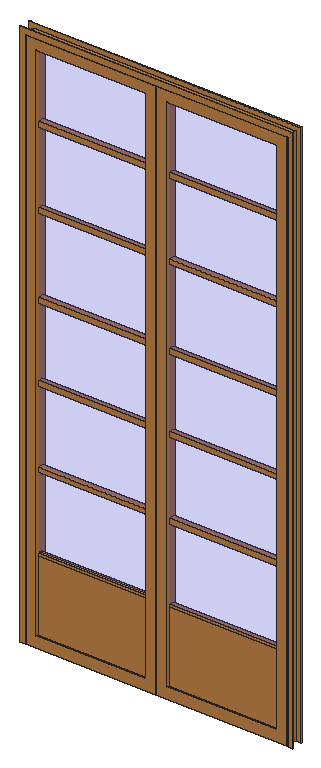
Revit family "DSP_A3-Durowin-1022x2134-ADAH", category Doors, host Wall, Revit 2016
Family settings
  Host = Wall
  Always vertical = Yes
  Cut with Voids When Loaded = No
  Shared = No
  Room Calculation Point = No
Parameters (values of type "ADAH")
  URL = "http://www.Durowin.com"
  Thickness = 0 mm
  Rough Width = Width + (2 * Frame Width)  # 1066 mm
  Rough Height = Height + Frame Width  # 2156 mm
  Panel Width = Width / 2  # 511 mm
  Model Type = "Butt Hinge"
  Model = "French Door And Sidelights"
  Material Glass = Glass
  Material Door Panel = Default Steel Door Panel
  Material Door Frame = Default Steel Door Frame
  Manufacturer Code = "ADAH"
  Manufacturer = "Durowin"
  Height = 2134 mm
  Wall Closure = By host
  Width = 1022 mm
  Function = Interior
  Frame Width = 22 mm
  Construction Type = "Steel"
  Assembly Code = "B2030120"
Reference planes
  plane 1 "Center Line": y = 0
  plane 2 "Center (Left/Right)": x = 38
  plane 3 "Left": x = -495
  plane 4 "Right": x = 571
  plane 5: z = 2156
  plane 6 "Exterior": y = 110
  plane 7 "Interior": y = -110
  plane 8: x = 661
  plane 9: x = -585
  plane 10: x = 519
  plane 11: x = 549
  plane 12: x = -473
  plane 13: z = 2134
  plane 14: z = 317.571
  plane 15 "Panel centre": y = -24.5
  plane 16 "panel interior": y = -35.5
  plane 17 "Panel Exterior": y = -13.5
  plane 18: x = -432
  plane 19: x = 508
  plane 20: z = 1214.786
  plane 21: z = 105
  plane 22: x = 79
  plane 23: x = -3
  plane 24: x = -217.5
  plane 25: x = 293.5
  plane 26: z = 1831.262
  plane 27: z = 1528.524
  plane 28: z = 923.048
  plane 29: z = 620.31
  plane 30: z = 1966
  plane 31: x = -473
  plane 32: x = 549
  plane 33: y = -621
  plane 34: z = 2093
Forms (mm)
  Sweep 1, solid, material "Default Steel Door Frame" <- "Material Door Frame", detail levels medium+fine
    path origin (0, 0, 0) x (1, 0, 0) y (0, 0, 1)
      loop
        line (571, 0) -> (571, 2156) -> (-495, 2156) -> (-495, 0)
    profile origin (0, 0, 1078) x (-1, 0, 0) y (0, -1, 0)
      loop
        line (-571, 0) -> (-539, 0) -> (-539, 3) -> (-549, 3) -> (-549, 45) -> (-571, 45) -> (-571, 42) -> (-552, 42) -> (-552, 3) -> (-571, 3) -> (-571, 0)
  Extrusion 2, solid, material "Default Steel Door Panel" <- "Material Door Panel", detail levels medium+fine
    sketch origin (0, 0, 0) x (1, 0, 0) y (0, 0, 1)
      loop
        line (38, 0) -> (549, 0) -> (549, 2134) -> (38, 2134) -> (38, 0)
      loop
        line (79, 41) -> (508, 41) -> (508, 2093) -> (79, 2093) -> (79, 41)
    from 3 to 45
  Extrusion 3, solid, material "Glass" <- "Material Glass", detail levels medium+fine
    sketch origin (0, -24.5, 0) x (1, 0, 0) y (0, 0, 1)
      loop
        line (508, 317.571) -> (508, 2093) -> (79, 2093) -> (79, 317.571) -> (508, 317.571)
    from 5 to -5
  Extrusion 4, solid, material "Default Steel Door Panel" <- "Material Door Panel", detail levels medium+fine
    sketch origin (0, -24.5, 0) x (1, 0, 0) y (0, 0, 1)
      loop
        line (508, 41) -> (508, 317.571) -> (79, 317.571) -> (79, 41) -> (508, 41)
    from 11 to -11
  Extrusion 5, solid, material "Default Steel Door Panel" <- "Material Door Panel", detail levels medium+fine
    sketch origin (0, 0, 0) x (1, 0, 0) y (0, 0, 1)
      loop
        line (-473, 0) -> (38, 0) -> (38, 2134) -> (-473, 2134) -> (-473, 0)
      loop
        line (-432, 41) -> (-3, 41) -> (-3, 2093) -> (-432, 2093) -> (-432, 41)
    from 3 to 45
  Extrusion 6, solid, material "Default Steel Door Panel" <- "Material Door Panel", detail levels medium+fine
    sketch origin (0, -24.5, 0) x (1, 0, 0) y (0, 0, 1)
      loop
        line (-3, 41) -> (-3, 317.571) -> (-432, 317.571) -> (-432, 41) -> (-3, 41)
    from 11 to -11
  Extrusion 7, solid, material "Glass" <- "Material Glass", detail levels medium+fine
    sketch origin (0, -24.5, 0) x (1, 0, 0) y (0, 0, 1)
      loop
        line (-3, 327.571) -> (-3, 2093) -> (-432, 2093) -> (-432, 327.571) -> (-3, 327.571)
    from 5 to -5
  Sweep 8, solid, material "Default Steel Door Panel" <- "Material Door Panel", detail levels medium+fine
    path origin (2.111, -24.5, 21.11) x (1, 0, 0) y (0, 0, 1)
      loop
        line (508, 1810.152) -> (76.889, 1810.152)
    profile origin (294.555, 0, 0) x (0, 0, -1) y (0, -1, 0)
      loop
        line (-1821.262, 14.5) -> (-1821.262, 34.5) -> (-1841.262, 34.5) -> (-1841.262, 14.5) -> (-1821.262, 14.5)
  Sweep 9, solid, material "Default Steel Door Panel" <- "Material Door Panel", detail levels medium+fine
    path origin (0, -24.5, -500.091) x (1, 0, 0) y (0, 0, 1)
      loop
        line (508, 1714.876) -> (79, 1714.876)
    profile origin (293.5, 0, 0) x (0, 0, -1) y (0, -1, 0)
      loop
        line (-1204.786, 14.5) -> (-1204.786, 34.5) -> (-1224.786, 34.5) -> (-1224.786, 14.5) -> (-1204.786, 14.5)
  Sweep 10, solid, material "Default Steel Door Panel" <- "Material Door Panel", detail levels medium+fine
    path origin (0.036, -24.5, -1027.218) x (1, 0, 0) y (0, 0, 1)
      loop
        line (508, 1647.527) -> (78.964, 1647.527)
    profile origin (293.518, 0, 0) x (0, 0, -1) y (0, -1, 0)
      loop
        line (-610.31, 14.5) -> (-610.31, 34.5) -> (-630.31, 34.5) -> (-630.31, 14.5) -> (-610.31, 14.5)
  Sweep 11, solid, material "Default Steel Door Panel" <- "Material Door Panel", detail levels medium+fine
    path origin (0, -24.5, -1301.929) x (1, 0, 0) y (0, 0, 1)
      loop
        line (508, 1619.5) -> (79, 1619.5)
    profile origin (293.5, 0, 0) x (0, 0, -1) y (0, -1, 0)
      loop
        line (-307.571, 14.5) -> (-307.571, 34.5) -> (-327.571, 34.5) -> (-327.571, 14.5) -> (-307.571, 14.5)
  Sweep 12, solid, material "Default Steel Door Panel" <- "Material Door Panel", detail levels medium+fine
    path origin (-591, -24.5, 19.542) x (1, 0, 0) y (0, 0, 1)
      loop
        line (588, 1811.72) -> (159, 1811.72)
    profile origin (-217.5, 0, 0) x (0, 0, -1) y (0, -1, 0)
      loop
        line (-1821.262, 14.5) -> (-1821.262, 34.5) -> (-1841.262, 34.5) -> (-1841.262, 14.5) -> (-1821.262, 14.5)
  Sweep 13, solid, material "Default Steel Door Panel" <- "Material Door Panel", detail levels medium+fine
    path origin (-591, -24.5, -500.091) x (1, 0, 0) y (0, 0, 1)
      loop
        line (588, 1714.876) -> (159, 1714.876)
    profile origin (-217.5, 0, 0) x (0, 0, -1) y (0, -1, 0)
      loop
        line (-1204.786, 14.5) -> (-1204.786, 34.5) -> (-1224.786, 34.5) -> (-1224.786, 14.5) -> (-1204.786, 14.5)
  Sweep 14, solid, material "Default Steel Door Panel" <- "Material Door Panel", detail levels medium+fine
    path origin (-591, -24.5, -1301.141) x (1, 0, 0) y (0, 0, 1)
      loop
        line (588, 1618.712) -> (159, 1618.712)
    profile origin (-217.5, 0, 0) x (0, 0, -1) y (0, -1, 0)
      loop
        line (-307.571, 14.5) -> (-307.571, 34.5) -> (-327.571, 34.5) -> (-327.571, 14.5) -> (-307.571, 14.5)
  Sweep 15, solid, material "Default Steel Door Panel" <- "Material Door Panel", detail levels medium+fine
    path origin (-590.899, -24.5, -1026.487) x (1, 0, 0) y (0, 0, 1)
      loop
        line (588, 1646.796) -> (159, 1646.796)
    profile origin (-217.399, 0, 0) x (0, 0, -1) y (0, -1, 0)
      loop
        line (-610.31, 14.5) -> (-610.31, 34.5) -> (-630.31, 34.5) -> (-630.31, 14.5) -> (-610.31, 14.5)
  Sweep 16, solid, material "Default Steel Door Panel" <- "Material Door Panel", detail levels medium+fine
    path origin (2.111, -24.5, -255.462) x (1, 0, 0) y (0, 0, 1)
      loop
        line (508, 1783.985) -> (76.889, 1783.985)
    profile origin (294.555, 0, 0) x (0, 0, -1) y (0, -1, 0)
      loop
        line (-1518.524, 14.5) -> (-1518.524, 34.5) -> (-1538.524, 34.5) -> (-1538.524, 14.5) -> (-1518.524, 14.5)
  Sweep 17, solid, material "Default Steel Door Panel" <- "Material Door Panel", detail levels medium+fine
    path origin (-591, -24.5, -257.029) x (1, 0, 0) y (0, 0, 1)
      loop
        line (588, 1785.553) -> (159, 1785.553)
    profile origin (-217.5, 0, 0) x (0, 0, -1) y (0, -1, 0)
      loop
        line (-1518.524, 14.5) -> (-1518.524, 34.5) -> (-1538.524, 34.5) -> (-1538.524, 14.5) -> (-1518.524, 14.5)
  Sweep 18, solid, material "Default Steel Door Panel" <- "Material Door Panel", detail levels medium+fine
    path origin (-591, -24.5, -810.172) x (1, 0, 0) y (0, 0, 1)
      loop
        line (588, 1733.22) -> (159, 1733.22)
    profile origin (-217.5, 0, 0) x (0, 0, -1) y (0, -1, 0)
      loop
        line (-913.048, 14.5) -> (-913.048, 34.5) -> (-933.048, 34.5) -> (-933.048, 14.5) -> (-913.048, 14.5)
  Sweep 19, solid, material "Default Steel Door Panel" <- "Material Door Panel", detail levels medium+fine
    path origin (2.111, -24.5, -808.605) x (1, 0, 0) y (0, 0, 1)
      loop
        line (508, 1731.652) -> (76.889, 1731.652)
    profile origin (294.555, 0, 0) x (0, 0, -1) y (0, -1, 0)
      loop
        line (-913.048, 14.5) -> (-913.048, 34.5) -> (-933.048, 34.5) -> (-933.048, 14.5) -> (-913.048, 14.5)
Cuts and joins
  joined: Sweep 8, Sweep 9, Sweep 10, Sweep 11, Sweep 16, Sweep 19
  joined: Sweep 12, Sweep 13, Sweep 14, Sweep 15, Sweep 17, Sweep 18
Lines and regions (mm)
  Opening 1
    outline origin (-3050, -110, 0) x (1, 0, 0) y (0, 0, 1)
      loop
        line (2555, 0) -> (3621, 0) -> (3621, 2156) -> (2555, 2156) -> (2555, 0)
  symbolic lines, style "Elevation Swing"
    curve 1: line (508, 0, 41) -> (79, 0, 1067)
    curve 2: line (79, 0, 1067) -> (508, 0, 2079)
    curve 3: line (-431, 0, 41) -> (-3, 0, 1067)
    curve 4: line (-3, 0, 1067) -> (-431, 0, 2079)
  symbolic lines, style "DoorsPanelProjection"
    curve 5: line (-485.014, -110, 0) -> (-485.014, -621, 0)
    curve 6: line (561.04, -110, 0) -> (561.04, -621.347, 0)
    curve 7: arc (-485.014, -621, 0) -> (-113.972, -469.462, 0) -> (38.493, -98.8, 0) r 519.016
    curve 8: arc (561.04, -621.347, 0) -> (191.544, -468.297, 0) -> (38.493, -98.8, 0) r 522.547
  symbolic lines, style "DoorsPanelProjection", detail levels medium+fine
    curve 9: line (-432, -45, 0) -> (-432, -618.747, 0)
    curve 10: line (508, -45, 0) -> (508, -618.648, 0)
  symbolic lines, style "Overhead", detail levels medium+fine
    curve 11: line (-495, -110, 0) -> (571, -110, 0)
    curve 12: line (571, 110, 0) -> (-495, 110, 0)
Text (mm)
  text "Exterior" at (-2295.016, 1099.543, 0), in view "Ref. Level"
  text "Exterior" at (0, 1615.38, 3698.081), in view "Left"
  text "Exterior" at (0, 1036.032, 3874.932), in view "Right"
Dimensions and locks
  equal spacing: plane 3 "Left", plane 2 "Center (Left/Right)", plane 4 "Right"
  "Width": plane 12 to plane 11
  "Height": plane 13 to host wall
  host wall to plane 20 to plane 5 = 1214.786 mm, 941.214 mm
  locked: host wall to plane 6 "Exterior" at 0
  locked: plane 7 "Interior" to host wall
  locked: plane 4 "Right" to plane 8 at 90
  plane 9 to plane 3 "Left" = 90 mm
  locked: plane 10 to plane 4 "Right" at 52
  "Frame Width": plane 3 "Left" to plane 12
  "Frame Width": plane 11 to plane 4 "Right"
  "Frame Width": plane 13 to plane 5
  locked: plane 15 "Panel centre" to plane 1 "Center Line" at 24.5
  plane 19 to plane 4 "Right" = 63 mm
  plane 3 "Left" to plane 18 = 63 mm  (x2)
  equal spacing: plane 18, plane 24, plane 23
  equal spacing: plane 22, plane 25, plane 19
  plane 30 to plane 5 = 190 mm
  equal spacing: plane 23, plane 2 "Center (Left/Right)", plane 22, locked at 41 each
  "Panel Width": plane 33 to plane 7 "Interior"
  Sweep 1 to plane 18 = 41 mm
  plane 23 to plane 2 "Center (Left/Right)" to plane 22 = 41 mm, 41 mm
  plane 19 to plane 32 = 41 mm
  aligned and locked: plane 3 "Left" to Opening 1 sketch curve
  aligned and locked: plane 5 to Opening 1 sketch curve  (x2)
  aligned and locked: Opening 1 sketch curve to plane 4 "Right"
  aligned and locked: Opening 1 sketch curve to level
  aligned and locked: plane 1 "Center Line" to host wall
  aligned and locked: Extrusion 3 sketch curve to Extrusion 2  (x3)
  aligned and locked: plane 14 to Extrusion 3 sketch curve
  aligned and locked: Extrusion 4 sketch curve to Extrusion 2
  aligned and locked: plane 22 to Extrusion 2 sketch curve
  aligned and locked: Extrusion 2 to Extrusion 5 sketch curve
  aligned and locked: Extrusion 5 sketch curve to Extrusion 2
  aligned and locked: Extrusion 2 to Extrusion 7
  aligned and locked: Extrusion 6 to plane 14
  aligned and locked: Extrusion 2 to Sweep 16 sketch curve
  aligned and locked: Extrusion 2 to Sweep 19 sketch curve
  aligned and locked: Extrusion 2 to Sweep 10 sketch curve
  aligned and locked: Sweep 10 sketch curve to plane 29
  aligned and locked: Sweep 11 sketch curve to plane 14
  aligned and locked: Sweep 14 sketch curve to plane 14
  aligned and locked: Sweep 18 sketch curve to plane 28
  aligned and locked: Sweep 19 sketch curve to plane 28
  aligned and locked: Sweep 9 sketch curve to plane 20
  aligned and locked: Extrusion 2 to Sweep 9 sketch curve
  aligned and locked: Sweep 13 sketch curve to plane 20
  aligned and locked: Sweep 16 sketch curve to plane 27
  aligned and locked: Sweep 17 sketch curve to plane 27
  aligned and locked: Sweep 8 sketch curve to plane 26
  aligned and locked: Extrusion 2 to Sweep 8 sketch curve
  aligned and locked: Sweep 12 sketch curve to plane 26
  aligned and locked: Extrusion 2 sketch curve to plane 13
  aligned and locked: Extrusion 5 sketch curve to plane 13
  aligned and locked: cut or joined group of Sweep 8, Sweep 9, Sweep 10, Sweep 11, Sweep 16, Sweep 19 to Extrusion 7
  aligned and locked: plane 31 to Extrusion 5 sketch curve
  aligned and locked: Extrusion 2 sketch curve to plane 32
  aligned and locked: plane 12 to plane 31
  aligned and locked: plane 11 to plane 32
  aligned and locked: plane 7 "Interior" to curve 5
  aligned and locked: plane 33 to curve 5
  aligned and locked: Sweep 1 sketch curve to host wall
  aligned and locked: Sweep 1 sketch curve to plane 5
  aligned and locked: Extrusion 2 to Sweep 1 sketch curve
  aligned and locked: Sweep 1 sketch curve to Extrusion 2
  aligned and locked: plane 32 to Sweep 1 sketch curve
Automatic sketch dimensions
  plane 14 to Extrusion 4 sketch curve = 0 mm
  Extrusion 4 sketch curve to plane 19 = 0 mm
  plane 21 to Extrusion 4 sketch curve = 64 mm
  Extrusion 2 sketch curve to plane 2 "Center (Left/Right)" = 0 mm
  plane 21 to Extrusion 2 sketch curve = 64 mm
  Extrusion 2 sketch curve to plane 19 = 0 mm
  Extrusion 2 sketch curve to level = 0 mm
  plane 13 to Extrusion 2 sketch curve = 41 mm
  Extrusion 6 sketch curve to plane 18 = 0 mm
  plane 14 to Extrusion 6 sketch curve = 0 mm
  plane 21 to Extrusion 6 sketch curve = 64 mm
  Extrusion 6 sketch curve to plane 2 "Center (Left/Right)" = 41 mm
  Extrusion 7 sketch curve to plane 14 = 10 mm
  Extrusion 7 sketch curve to plane 18 = 0 mm
  plane 13 to Extrusion 7 sketch curve = 41 mm
  profile plane to Sweep 8 sketch curve = 10 mm
  Sweep 8 sketch curve to plane 15 "Panel centre" = 10 mm
  Sweep 8 sketch curve to profile plane = 10 mm
  plane 15 "Panel centre" to Sweep 8 sketch curve = 10 mm
  Sweep 8 sketch curve to plane 19 = 2.111 mm
  Sweep 9 sketch curve to plane 19 = 0 mm
  profile plane to Sweep 9 sketch curve = 10 mm  (x2)
  Sweep 9 sketch curve to profile plane = 10 mm  (x2)
  Sweep 10 sketch curve to plane 19 = 0.036 mm
  profile plane to Sweep 10 sketch curve = 10 mm  (x2)
  Sweep 10 sketch curve to profile plane = 10 mm  (x2)
  Sweep 11 sketch curve to plane 22 = 0 mm
  Sweep 11 sketch curve to plane 19 = 0 mm
  profile plane to Sweep 11 sketch curve = 10 mm  (x2)
  Sweep 11 sketch curve to profile plane = 10 mm  (x2)
  Sweep 12 sketch curve to plane 18 = 0 mm
  profile plane to Sweep 12 sketch curve = 10 mm  (x2)
  Sweep 12 sketch curve to profile plane = 10 mm  (x2)
  plane 18 to Sweep 13 sketch curve = 0 mm
  profile plane to Sweep 13 sketch curve = 10 mm  (x2)
  Sweep 13 sketch curve to profile plane = 10 mm  (x2)
  Sweep 14 sketch curve to plane 18 = 0 mm
  Sweep 14 sketch curve to plane 23 = 0 mm
  profile plane to Sweep 14 sketch curve = 10 mm  (x2)
  Sweep 14 sketch curve to profile plane = 10 mm  (x2)
  Sweep 15 sketch curve to plane 18 = 0.101 mm
  Sweep 15 sketch curve to plane 23 = 0.101 mm
  plane 29 to Sweep 15 sketch curve = 0 mm
  profile plane to Sweep 15 sketch curve = 10 mm  (x2)
  Sweep 15 sketch curve to profile plane = 10 mm  (x2)
  Sweep 16 sketch curve to plane 19 = 2.111 mm
  profile plane to Sweep 16 sketch curve = 10 mm  (x2)
  Sweep 16 sketch curve to profile plane = 10 mm  (x2)
  Sweep 17 sketch curve to plane 18 = 0 mm
  profile plane to Sweep 17 sketch curve = 10 mm  (x2)
  Sweep 17 sketch curve to profile plane = 10 mm  (x2)
  Sweep 18 sketch curve to plane 18 = 0 mm
  Sweep 18 sketch curve to plane 23 = 0 mm
  profile plane to Sweep 18 sketch curve = 10 mm  (x2)
  Sweep 18 sketch curve to profile plane = 10 mm  (x2)
  Sweep 19 sketch curve to plane 19 = 2.111 mm
  profile plane to Sweep 19 sketch curve = 10 mm  (x2)
  Sweep 19 sketch curve to profile plane = 10 mm  (x2)
  Extrusion 7 sketch curve to plane 23 = 0 mm
  Extrusion 5 sketch curve to plane 18 = 0 mm
  Extrusion 5 sketch curve to plane 2 "Center (Left/Right)" = 0 mm
  Extrusion 5 sketch curve to level = 0 mm
  Sweep 1 sketch curve to plane 4 "Right" = 0 mm
  Sweep 1 sketch curve to level = 0 mm  (x2)
  Extrusion 5 sketch curve to plane 23 = 0 mm
  curve 11 to plane 3 "Left" = 0 mm
  curve 12 to host wall = 0 mm
  curve 12 to plane 3 "Left" = 0 mm
  curve 9 to plane 18 = 0 mm
  curve 10 to plane 19 = 0 mm
  curve 12 to plane 4 "Right" = 0 mm
  curve 11 to plane 4 "Right" = 0 mm
  curve 5 to plane 3 "Left" = 9.986 mm
  curve 7 to plane 12 = 7.513 mm
  plane 2 "Center (Left/Right)" to curve 7 = 0.493 mm
  plane 33 to curve 6 = 0.347 mm
  plane 4 "Right" to curve 6 = 9.96 mm
  plane 16 "panel interior" to curve 9 = 9.5 mm
  plane 16 "panel interior" to curve 10 = 9.5 mm
  curve 2 to plane 19 = 0 mm
  curve 2 to plane 22 = 0 mm
  curve 4 to plane 23 = 0 mm
  curve 1 to plane 19 = 0 mm
  plane 34 to curve 2 = 14 mm
  curve 4 to plane 18 = 1 mm
  plane 34 to curve 4 = 14 mm
  curve 2 to plane 28 = 143.952 mm
  curve 4 to curve 2 = 0 mm
  curve 3 to plane 18 = 1 mm
  level to curve 3 = 41 mm
  level to curve 1 = 41 mm
  Sweep 1 sketch curve to plane 1 "Center Line" = 0 mm
  Sweep 1 sketch curve to profile plane = 0 mm  (x2)
  Sweep 1 sketch curve to Sweep 1 sketch curve = 3 mm  (x2)
  Sweep 1 sketch curve to Sweep 1 sketch curve = 10 mm
  Sweep 1 sketch curve to Sweep 1 sketch curve = 39 mm
